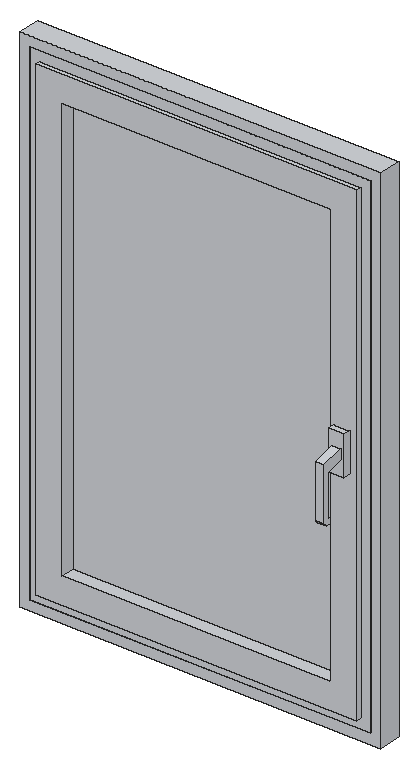
Revit family "Окно.Alumark_одностворчатое_S44", category Окна, Revit 2017 (continued)
Definition of nested family "Окна.Alumark_створка_однопольная (S44)"
  Definition of nested family "Окна.Alumark_фурнитура_поворотно-откидная однопольная (S44)"
    Dimensions and locks
      Extrusion 2 sketch curve to plane 1 "По центру (Вперед/Назад)" to Extrusion 2 sketch curve = 37.5 mm, 37.5 mm
      aligned and locked: plane 2 to Extrusion 1
      aligned and locked: level to Extrusion 1
Definition of nested family "Окна.Alumark_подоконник"
  Parameters (values of type "ПВХ")
    выступ_подоконника_размер [instance] = if(ADSK_Размер_Глубина > 30 mm, выступ_подоконника, 0 mm)  # 50 mm
    выступ_подоконника [instance] = 50 mm
    Width [instance] = 1500 mm
    ПВХ = yes
    Description = "Окно Подоконник"
    Материал подоконника [instance] = none
    Камень = no
    Manufacturer = ""
    Дерево = no
    Model = "Подоконник ПВХ"
    Type Comments = ""
    Assembly Code = ""
    Height = 20 mm
    Analytic Construction = "<Нет>"
    ADSK_Размер_Глубина [instance] = 600 mm
    ADSK_Обозначение = ""
    ADSK_Наименование = "Подоконник ПВХ"
    ADSK_Марка [instance] = ""
  Types (3, lengths in mm): name | ПВХ | Камень | Дерево | Model | ADSK_Наименование
    ПВХ | yes | no | no | "Подоконник ПВХ" | "Подоконник ПВХ"
    Дерево | no | no | yes | "Подоконник деревянный" | "Подоконник деревянный"
    Камень | no | yes | no | "Подоконник каменный" | "Подоконник каменный"
  Reference planes
    plane 1 "Назад": y = 0
    plane 2: z = 0
    plane 3 "По центру (Влево/Вправо)": x = 0
    plane 4: y = -600
    plane 5 "Верх": z = 20
    plane 6: x = -750
    plane 7: x = 750
    plane 8: y = -550
  Forms (mm)
    Extrusion 1, solid, material <- "Материал подоконника", visible <- "ПВХ", detail levels fine
      sketch origin (-725, 1233.894, 1200) x (0, 1, 0) y (0, 0, 1)
        loop
          line (-1233.894, -1180) -> (-1833.894, -1180) -> (-1833.894, -1220) -> (-1823.894, -1220) -> (-1823.894, -1200) -> (-1233.894, -1200) -> (-1233.894, -1180)
      from -25 to 1475
    Extrusion 2, solid, material <- "Материал подоконника", visible <- "Дерево", detail levels fine
      sketch origin (-725, 1233.894, 1400) x (0, 1, 0) y (0, 0, 1)
        loop
          line (-1233.894, -1380) -> (-1813.894, -1380)
          arc (-1813.894, -1380) -> (-1828.036, -1385.858) -> (-1833.894, -1400) r 20
          line (-1833.894, -1400) -> (-1833.894, -1420) -> (-1813.894, -1420) -> (-1813.894, -1400) -> (-1233.894, -1400) -> (-1233.894, -1380)
      from -25 to 1475
    Extrusion 3, solid, material <- "Материал подоконника", visible <- "Камень", detail levels fine
      sketch origin (-725, 1233.894, 1580) x (0, 1, 0) y (0, 0, 1)
        loop
          line (-1233.894, -1560) -> (-1818.894, -1560) -> (-1818.894, -1565)
          arc (-1818.894, -1565) -> (-1825.965, -1567.929) -> (-1828.894, -1575) r 10
          line (-1828.894, -1575) -> (-1833.894, -1575) -> (-1833.894, -1600) -> (-1813.894, -1600) -> (-1813.894, -1580) -> (-1233.894, -1580) -> (-1233.894, -1560)
      from -25 to 1475
  Lines and regions (mm)
    Masking region 1, detail levels fine
      outline origin (0, 0, 0) x (1, 0, 0) y (0, 1, 0)
        loop
          line (-750, 0) -> (-750, -600) -> (750, -600) -> (750, 0) -> (-750, 0)
    Masking region 2, detail levels medium
      outline origin (0, 0, 0) x (1, 0, 0) y (0, 1, 0)
        loop
          line (-750, 0) -> (-750, -550) -> (750, -550) -> (750, 0) -> (-750, 0)
  Dimensions and locks
    "ADSK_Размер_Глубина": plane 4 to plane 1 "Назад"
    "Height": plane 5 "Верх" to plane 2
    locked: plane 2 to Extrusion 1 sketch curve at 20
    equal spacing: plane 6, plane 3 "По центру (Влево/Вправо)", plane 7
    locked: Extrusion 1 sketch curve to plane 4 at 10
    locked: plane 2 to Extrusion 2 sketch curve at 20
    locked: Extrusion 2 sketch curve to plane 4 at 20
    locked: plane 2 to Extrusion 3 sketch curve at 20
    locked: Extrusion 3 sketch curve to plane 4 at 20
    locked: plane 5 "Верх" to Extrusion 3 sketch curve at 15
    locked: Extrusion 3 sketch curve to plane 4 at 15
    "Width": plane 6 to plane 7
    "выступ_подоконника_размер": plane 8 to plane 4
    aligned and locked: level to plane 2
    aligned and locked: Extrusion 1 sketch curve to plane 5 "Верх"
    aligned and locked: level to Extrusion 1 sketch curve
    aligned and locked: plane 1 "Назад" to Extrusion 1 sketch curve
    aligned and locked: plane 4 to Extrusion 1 sketch curve
    aligned and locked: plane 4 to Masking region 1 sketch curve
    aligned and locked: plane 1 "Назад" to Masking region 1 sketch curve
    aligned and locked: plane 1 "Назад" to Masking region 2 sketch curve
    aligned and locked: plane 6 to Masking region 2 sketch curve
    aligned and locked: Masking region 2 sketch curve to plane 7
    aligned and locked: Masking region 1 sketch curve to plane 7
    aligned and locked: plane 6 to Masking region 1 sketch curve
    aligned and locked: Extrusion 1 to plane 6
    aligned and locked: plane 7 to Extrusion 1
    aligned and locked: Extrusion 2 sketch curve to plane 1 "Назад"
    aligned and locked: Extrusion 2 sketch curve to plane 5 "Верх"
    aligned and locked: Extrusion 2 sketch curve to plane 2
    aligned and locked: Extrusion 2 sketch curve to plane 4
    aligned and locked: Extrusion 2 sketch curve to Extrusion 2 sketch curve
    aligned and locked: plane 2 to Extrusion 2 sketch curve
    aligned and locked: Extrusion 3 sketch curve to plane 1 "Назад"
    aligned and locked: Extrusion 3 sketch curve to plane 4
    aligned and locked: Extrusion 3 sketch curve to plane 2
    aligned and locked: Extrusion 3 sketch curve to plane 5 "Верх"
    aligned and locked: Extrusion 3 sketch curve to Extrusion 3 sketch curve  (x2)
    aligned and locked: Extrusion 3 to plane 6
    aligned and locked: Extrusion 2 to plane 6
    aligned and locked: plane 7 to Extrusion 3
    aligned and locked: plane 7 to Extrusion 2
    aligned and locked: plane 8 to Masking region 2 sketch curve
  Automatic sketch dimensions
    plane 4 to Extrusion 3 sketch curve = 5 mm
Definition of nested family "Окна.Alumark_фурнитура_поворотно-откидная однопольная (S44)"
  Parameters (values of type "Окна.Alumark_фурнитура_поворотно-откидная однопольная (S44)")
    Width [instance] = 600 mm
    ТБМ_Фурн_Кол_7 [instance] = if(and(Width > 1200 mm, Height > 1200 mm), 1, 0)  # 0
    ТБМ_Фурн_Кол_6 [instance] = if(Width > 1200 mm, 1, 0)  # 0
    ТБМ_Фурн_Кол_5 [instance] = 1  # constant formula
    ТБМ_Фурн_Кол_4 [instance] = 1  # constant formula
    ТБМ_Фурн_Кол_3 [instance] = if(Height > 1200 mm, 1, 0)  # 0
    ТБМ_Фурн_Кол_2 [instance] = 1  # constant formula
    ТБМ_Фурн_Кол_1 [instance] = 1  # constant formula
    ТБМ_Фурн_Имя_7 [instance] = ""
    ТБМ_Фурн_Имя_6 [instance] = if(Width > 1200 mm, "Ножницы дополнительные", " ")  # " "
    ТБМ_Фурн_Имя_5 [instance] = if(Width > 1000 mm, "Ножницы №2", "Ножницы №1")  # "Ножницы №1"
    ТБМ_Фурн_Имя_4 [instance] = "Запорные элементы"  # constant formula
    ТБМ_Фурн_Имя_3 [instance] = if(Height > 1200 mm, "Средний прижим", "")  # ""
    ТБМ_Фурн_Имя_2 [instance] = "Петли комплект"  # constant formula
    ТБМ_Фурн_Имя_1 [instance] = "Ручка Prima"  # constant formula
    ТБМ_Фурн_Арт_7 [instance] = ""
    ТБМ_Фурн_Арт_6 [instance] = if(Width > 1200 mm, "GIE0107", " ")  # " "
    ТБМ_Фурн_Арт_5 [instance] = if(Width > 1000 mm, "GIE1342", "GIE1340")  # "GIE1340"
    ТБМ_Фурн_Арт_4 [instance] = "GIE1399"  # constant formula
    ТБМ_Фурн_Арт_3 [instance] = if(Height > 1200 mm, "GIE1341", "")  # ""
    ТБМ_Фурн_Арт_2 [instance] = "GIE1340"  # constant formula
    ТБМ_Фурн_Арт_1 [instance] = "GIE1169"  # constant formula
    ТБМ_Соответствие рекомендациям [instance] = if(or(Width > 1600 mm, Height > 2800 mm), "Размеры окна не соответствует рекомендациям компании ТБМ, требуется индивидуальный подбор", "Размеры окна соответствует рекомендациям компании ТБМ")  # "Размеры окна соответствует рекомендациям компании ТБМ"
    Default Elevation = 0 mm
    Description = "Окно Фурнитура ТБМ"
    Материал ручки [instance] = none
    Левая [instance] = yes
    Manufacturer = "ТБМ"  # constant formula
    Height [instance] = 600 mm
    Analytic Construction = "<Нет>"
    ADSK_Обозначение = ""
    ADSK_Наименование = "Комплектация поворотно-откидного окна FUTURA CLASSIC (80 кг)"  # constant formula
    ADSK_Марка [instance] = ""
  Reference planes
    plane 1 "По центру (Вперед/Назад)": y = 0
    plane 2: z = 0
    plane 3 "По центру (Влево/Вправо)": x = 0
  Forms (mm)
    Extrusion 1, solid
      sketch origin (0, 0, 0) x (1, 0, 0) y (0, 1, 0)
        loop
          line (-115, 157.5) -> (-115, -158.53) -> (116.434, -158.53) -> (116.434, 157.5) -> (-115, 157.5)
      from 0 to -30
    Extrusion 2, solid, material <- "Материал ручки", detail levels fine
      sketch origin (0, 0, 0) x (1, 0, 0) y (0, 1, 0)
        loop
          line (-15, 37.5) -> (-15, -37.5) -> (15, -37.5) -> (15, 37.5) -> (-15, 37.5)
      from 0 to 13
    Blend 3, solid, material <- "Материал ручки", detail levels fine
      base sketch origin (0, 0, 0) x (1, 0, 0) y (0, 1, 0)
        loop
          line (-8, 10) -> (-8, -10) -> (8, -10) -> (8, 10) -> (-8, 10)
      top sketch origin (0, 0, 0) x (1, 0, 0) y (0, 1, 0)
        loop
          line (-8, -1) -> (-8, -21) -> (8, -21) -> (8, -1) -> (-8, -1)
      from 13 to 53
    Sweep 4, solid, material <- "Материал ручки", detail levels fine
      path origin (0, 0, 0) x (0, 1, 0) y (0, 0, 1)
        loop
          line (-6, 53) -> (-103.855, 53) -> (-110, 46.855) -> (-110, 38)
      profile origin (0, -54.928, 53) x (0, 0, -1) y (1, 0, 0)
        loop
          line (0, -8) -> (10, -8) -> (10, 8) -> (0, 8) -> (0, -8)
  Cuts and joins
    joined: Extrusion 2, Blend 3, Sweep 4
  Dimensions and locks
    Extrusion 2 sketch curve to plane 1 "По центру (Вперед/Назад)" to Extrusion 2 sketch curve = 37.5 mm, 37.5 mm
    aligned and locked: plane 2 to Extrusion 1
    aligned and locked: level to Extrusion 1
Types (4, lengths in mm): name | ТБМ_Стеклопакет_Ширина 1 | ТБМ_Стеклопакет_Высота 1 | ТБМ_Расход_Клей | ТБМ_Площадь стеклопакета | ТБМ_Количество_Уголок жесткости | ТБМ_Количество_Уголок выравнивающий | ТБМ_Количество_Угловой соединитель створки | ТБМ_Количество_Распорный штифт | ТБМ_Длина_Штапик | ТБМ_Длина_Уплотнитель притвора | ТБМ_Длина_Уплотнитель наружный | ТБМ_Длина_Уплотнитель внутренний | ТБМ_Длина_Створка | ТБМ_Длина_Отлив | ТБМ_Артикул_Уплотнитель притвора | ТБМ_Артикул_Уголок жесткости | ТБМ_Артикул_Угловой соединитель створки | ТБМ_Артикул_Створка | ТБМ_Артикул_Отлив | Створка | номер профиля | ADSK_Откосы Глубина | ADSK_Наименование | #_створки
  (no name) | 526 | 826 | 62 | 0.434476 m² | 4 | 8 | 4 | 32 | 2736 | 3080 | 3080 | 3080 | 3080 | 560 | "ALM770001" | "ALM744501" | "ALM420011" | "ALM244201" | "ALM460035-1.07" | Окна.Alumark_створка_однопольная (S44) : Левая-откидная | 1010101 | 556 | "ОАК (Профиль рамы 44/26 мм. Профиль створки 32/43 мм) СПО (Обычный стеклопакет 16 мм)" | 10000
  660х960 (левое-откидное) | 526 | 826 | 62 | 0.434476 m² | 4 | 8 | 4 | 32 | 2736 | 3080 | 3080 | 3080 | 3080 | 560 | "ALM770001" | "ALM744501" | "ALM420011" | "ALM244201" | "ALM460035-1.07" | Окна.Alumark_створка_однопольная (S44) : Левая-откидная | 1010101 | 556 | "ОАК (Профиль рамы 44/26 мм. Профиль створки 32/43 мм) СПО (Обычный стеклопакет 16 мм)" | 10000
  660х960 (глухое) | 594 | 894 | 28 | 0.531036 m² | 0 | 4 | 0 | 16 | 3032 | 0 | 3240 | 3240 | 0 | 0 | " " | "" | " " | "" | " " | Окна.Alumark_створка_однопольная (S44) : Глухая | 1000101 | 530 | "ОАК (Профиль рамы 44/26 мм) СПО (Обычный стеклопакет 16 мм)" | 0
  960х960 (правое-откидное) | 526 | 826 | 62 | 0.434476 m² | 4 | 8 | 4 | 32 | 2736 | 3080 | 3080 | 3080 | 3080 | 560 | "ALM770001" | "ALM744501" | "ALM420011" | "ALM244201" | "ALM460035-1.07" | Окна.Alumark_створка_однопольная (S44) : Правая-откидная | 1010101 | 540 | "ОАК (Профиль рамы 44/26 мм. Профиль створки 32/43 мм) СПО (Обычный стеклопакет 16 мм)" | 10000
